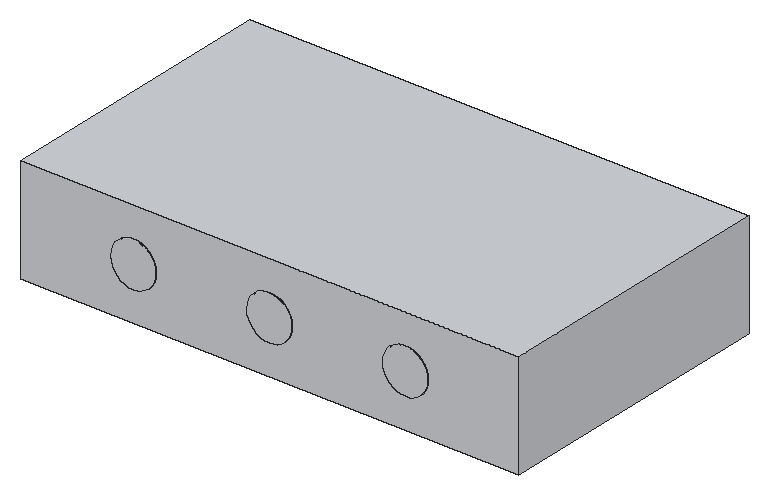
Revit family "Excitech_Delmatic_LightingControlModule_163A1-MetroDaliBroadcastModule", category Electrical Equipment, host Face, Revit 2013
Parameters
  Wattage = "9"
  WarrantyStartDate = "n/a"
  WarrantyGuarantorParts = "support@delmatic.com"
  WarrantyGuarantorLabor = "support@delmatic.com"
  WarrantyDurationUnit = "year"
  WarrantyDurationParts = "8"
  WarrantyDurationLabor = "1"
  WarrantyDescription = "Warranty allows for free of charge factory repair or replacement of any parts proving to be faulty provided they have been installed and operated correctly."
  Voltage = "230"
  Version = "4"
  UnitMaterial = ABS Plastic
  Uniclass2 = "Ac-45-65-47"
  Uniclass1 = "G543"
  URL = "http://www.delmatic.com/systems/products/metro-dali-broadcast-module-0"
  Type Comments = "n/a"
  TimeConstant = "n/a"
  TagNumber = "n/a"
  SustainabilityPerformance = "The module is designed to maximise sustainability through the use of modular electronics which enable products to be upgraded with 90% of the unit being re-used."
  Size = "Compact"
  Shape = "Rectangular"
  SerialNumber = "n/a"
  Revision = "3"
  ReplacementCost = "n/a"
  ProductInformation = "http://www.delmatic.com/sites/default/files/product-pdfs/204A1%20Metro%20Dali%20Broadcast%20Module.pdf"
  NumberOfOpenings = "n/a"
  NumberOfDoors = "n/a"
  NominalWidth = 190 mm
  NominalLength = 330 mm
  NominalHeight = 70 mm
  Name = "Dali Broadcast Module"
  NBSTypeID = "n/a"
  NBSReference = "70-80-35/110"
  NBSOfficeMasterTag = "n/a"
  NBSNote = "n/a"
  NBSDescription = "Hard wired general lighting system"
  NBSCertification = "n/a"
  MovementSensingType = ""
  ModelReference = "Dali Broadcast Module 204A1"
  ModelNumber = "204A1"
  Model = "204A1, Metro Dali Broadcast Module"
  Material = "Flame retardant ABS enclosure"
  ManufacturerURL = "www.delmatic.com/contact"
  Manufacturer = "Delmatic Lighting Management"
  Mains Type = "Single phase"
  MCB Rating = 10 A
  Keynote = "n/a"
  IsMain = "False"
  InstallationDate = "n/a"
  IfcTypeObject = "IfcElectricDistributionPoint"
  IfcExportType = "NOTDEFINED"
  IfcExportAs = "IfcElectricDistributionPoint"
  Grade = "n/a"
  Finish = "Moulded enclosure"
  Features = "12 individually pre-addressed DALI channel outputs.\r\nUP to 40 luminaires per channel.\r\nDali Without Addressing avoids onsite addressing of DALI ballasts.\r\nDALI lamp and ballast failure monitoring on a channel basis.\r\nIndividual DALI emergency light testing and monitoring.\r\nDALI sensors, switches and emergency devices connect to DALI channel buswire."
  ExpectedLife = "20"
  DurationUnit = "year"
  Description = "The Dali Broadcast Module provides fully addressable control with individual switching, dimming and monitoring of twelve Dali channels and is used in areas such as cores where total flexibility is not required.  \r\n\r\nThe Dali Broadcast Module requires no on-site addressing."
  Default Elevation = 0 mm
  Constituents = "Modular unit comprises metal enclosure, module Dali electronics, plug-in Lon/BACnet intelligence capsule."
  Color = "RAL 9002"
  CodePerformance = "n/a"
  Category = "Ac-45-65-47"
  CaseWeight = "n/a"
  CaseMaterial = "n/a"
  Bussing = "n/a"
  BarCode = "n/a"
  BIMObjectName = "Excitech_Delmatic_LightingControlModule_MetroDaliBroadcastModule_163A1"
  Author_mtrl = "n/a"
  Author = "Excitech Ltd"
  AssetType = "Fixed"
  AssetIdentifier = "n/a"
  AccessibilityPerformance = "n/a"
Reference planes
  plane 1 "Center (Front/Back)": y = 0
  plane 2: z = 0
  plane 3 "Center (Left/Right)": x = 0
  plane 4 "Front Surface": y = 95
  plane 5 "Back Surface": y = -95
  plane 6: x = -165
  plane 7: x = 165
Forms (mm)
  Extrusion 1, solid
    sketch origin (0, 0, 0) x (1, 0, 0) y (0, 1, 0)
      loop
        line (-165, 95) -> (-165, -95) -> (165, -95) -> (165, 95) -> (-165, 95)
    from 0 to 70
  Extrusion 2, solid, detail levels coarse
    sketch origin (0, 0, 0) x (1, 0, 0) y (0, 1, 0)
      loop
        line (165, -95) -> (165, 95) -> (-165, 95) -> (-165, -95) -> (165, -95)
    from 0 to 70
  Extrusion 3, solid, detail levels medium+fine
    sketch origin (0, -95, 0) x (1, 0, 0) y (0, 0, 1)
      loop
        circle (90, 35) r 15
      loop
        circle (0, 35) r 15
      loop
        circle (-90, 35) r 15
    from 0 to -5
  Extrusion 4, solid, detail levels medium+fine
    sketch origin (0, 95, 0) x (1, 0, 0) y (0, 0, 1)
      loop
        circle (-90, 35) r 15
      loop
        circle (0, 35) r 15
      loop
        circle (90, 35) r 15
      loop
        circle (-45, 35) r 15
      loop
        circle (45, 35) r 15
    from 0 to 5
Lines and regions (mm)
  symbolic lines, not visible, detail levels medium+fine
    curve 1: circle (-90, 0, 35) r 15 normal (0, -1, 0)
    curve 2: circle (-45, 0, 35) r 15 normal (0, -1, 0)
    curve 3: circle (0, 0, 35) r 15 normal (0, -1, 0)
    curve 4: circle (45, 0, 35) r 15 normal (0, -1, 0)
    curve 5: circle (90, 0, 35) r 15 normal (0, -1, 0)
    curve 6: line (-165, 0, 70) -> (165, 0, 70)
    curve 7: line (-165, 0, 0) -> (-165, 0, 70)
    curve 8: line (165, 0, 0) -> (-165, 0, 0)
    curve 9: line (165, 0, 70) -> (165, 0, 0)
  symbolic lines, detail levels coarse
    curve 10: line (0, 95, 70) -> (0, -95, 70)
    curve 11: line (0, 95, 0) -> (0, 95, 70)
    curve 12: line (0, -95, 0) -> (0, 95, 0)
    curve 13: line (0, -95, 70) -> (0, -95, 0)
  symbolic lines, not visible, detail levels coarse
    curve 14: line (0, 95, 70) -> (0, -95, 70)
    curve 15: line (0, 95, 0) -> (0, 95, 70)
    curve 16: line (0, -95, 0) -> (0, 95, 0)
    curve 17: line (0, -95, 70) -> (0, -95, 0)
  symbolic lines, not visible
    curve 18: line (0, 95, 70) -> (0, -95, 70)
    curve 19: line (0, 95, 0) -> (0, 95, 70)
    curve 20: line (0, -95, 0) -> (0, 95, 0)
    curve 21: line (0, -95, 70) -> (0, -95, 0)
    curve 27: line (-165, 0, 70) -> (-165, 0, 0)
    curve 28: line (-165, 0, 0) -> (165, 0, 0)
    curve 29: line (165, 0, 0) -> (165, 0, 70)
    curve 30: line (165, 0, 70) -> (-165, 0, 70)
  symbolic lines
    curve 22: line (165, 0, 70) -> (-165, 0, 70)
    curve 23: line (-165, 0, 70) -> (-165, 0, 0)
    curve 24: line (-165, 0, 0) -> (165, 0, 0)
    curve 25: line (165, 0, 0) -> (165, 0, 70)
    curve 26: line (165, 0, 70) -> (-165, 0, 70)
Text (mm)
  text "LINE" at (5781.321, 1122.857, 0), in view "Ref. Level 1to50"
  text "LINE" at (5781.321, 582.857, 0), in view "Ref. Level 1to50"
  text "LINE" at (5781.321, -137.143, 0), in view "Ref. Level 1to50"
  text "LINE" at (5781.321, -617.143, 0), in view "Ref. Level 1to50"
  text "LINE" at (5781.321, -1237.143, 0), in view "Ref. Level 1to50"
  text "LINE" at (5781.321, -1857.143, 0), in view "Ref. Level 1to50"
  text "LINE" at (5781.321, -2597.143, 0), in view "Ref. Level 1to50"
  text "LINE" at (5781.321, -3257.143, 0), in view "Ref. Level 1to50"
Dimensions and locks
  aligned and locked: plane 2 to host face
  aligned and locked: level to host face
